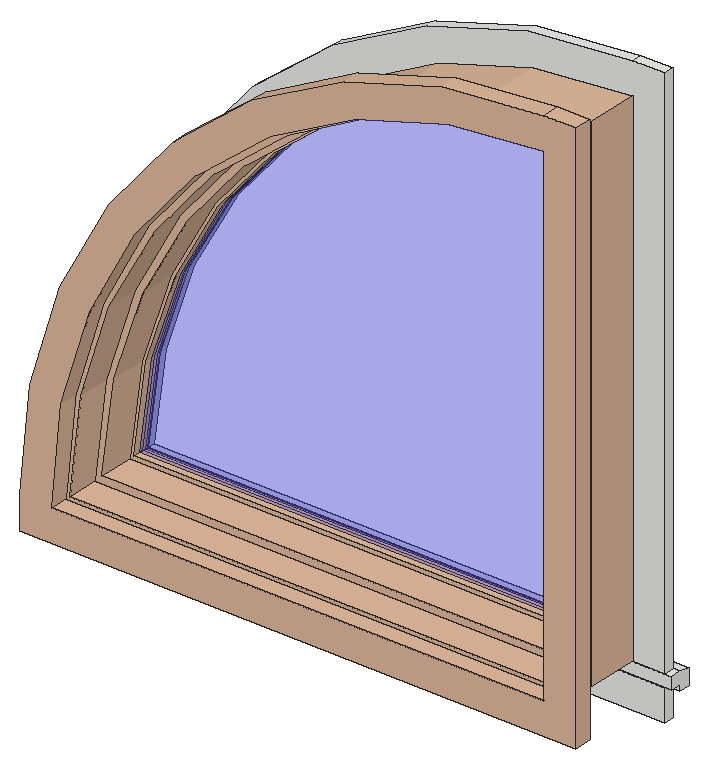
Revit family "8911aa09b18443c4bf5d589127abf5ee", category Windows, host Wall, Revit 2021
Family settings
  Host = Wall
  OmniClass Number = 23.30.20.17.11
  OmniClass Title = Fixed Windows
  Always vertical = Yes
  Cut with Voids When Loaded = No
  Shared = No
  Room Calculation Point = No
Parameters (values of type "36" x 36"")
  Window Inset [instance] = 0' - 0"
  Wall Thickness [instance] = 0' - 6"
  Visual Light Transmittance = 0.81
  Thermal Resistance (R) = 1.8146 (h·ft²·°F)/BTU
  Solar Heat Gain Coefficient = 0.76
  Rough Width = Width + 0' 0 1/2"  # 3' - 0 1/2"
  Rough Height = Height + 0' 0 1/2"  # 3' - 0 1/2"
  Interior Wall Closure [instance] = 0' - 2 1/4"
  Interior Trim Visibility [instance] = yes
  Interior Trim Material = Wood - Stained
  Interior Trim = Trim-Window-Interior-Flat-Quarter-Round : Picture Frame
  Height = Width  # 3' - 0"
  Interior Frame Material = Wood - Stained
  Heat Transfer Coefficient (U) = 0.5511 BTU/(h·ft²·°F)
  Glass Panel Material = Glass
  Frame Extension [instance] = if(Exterior Trim Visibility, Window Inset + 0' 0 1/4", 0' 0 1/4")  # 0' - 0 1/4"
  Fire Rating = "0.5h"
  Exterior Wall Closure [instance] = 0' - 1 1/4"
  Exterior Trim Visibility [instance] = yes
  Exterior Trim Material = Clad - White
  Exterior Trim = Trim-Window-Exterior-Flat-Quarter-Round : with Sill
  Exterior Frame Material = Clad - White
  Extension Jamb Visibility [instance] = and(Interior Trim Visibility, Wall Thickness - Window Inset > 0' 3 3/4")  # yes
  Extension Jamb [instance] = if(Wall Thickness - Window Inset > 0' 3 3/4", Wall Thickness - Window Inset - 0' 3 3/4", 0' 1")  # 0' - 2 1/4"
  Default Sill Height = 3' - 0"
  Wall Closure = By host
  Width = 3' - 0"
  Assembly Code = "B2020100"
  Analytic Construction = "Double glazing - domestic"
Types (6): name | Rough Width | Rough Height | Height | Width
  (no name) | 3' - 0 1/2" | 3' - 0 1/2" | 3' - 0" | 3' - 0"
  36" x 36" | 3' - 0 1/2" | 3' - 0 1/2" | 3' - 0" | 3' - 0"
  24" x 24" | 2' - 0 1/2" | 2' - 0 1/2" | 2' - 0" | 2' - 0"
  48" x 48" | 4' - 0 1/2" | 4' - 0 1/2" | 4' - 0" | 4' - 0"
  60" x 60" | 5' - 0 1/2" | 5' - 0 1/2" | 5' - 0" | 5' - 0"
  72" x 72" | 6' - 0 1/2" | 6' - 0 1/2" | 6' - 0" | 6' - 0"
Reference planes (in)
  plane 1 "Center (Front/Back)": y = 0
  plane 2: z = 0
  plane 3 "Center (Left/Right)": x = 0
  plane 4 "Left": x = -18
  plane 5 "Right": x = 18
  plane 6 "Sill": z = 36
  plane 7 "Top": z = 72
  plane 8 "Inset Face": y = 3
  plane 9 "Wall Closure": y = -0.75
  plane 10 "Sash Face": y = 3.5
  plane 11 "Exterior": y = 3
  plane 12: x = 17.5
  plane 13: x = -17.5
  plane 14: z = 71.5
  plane 15: z = 36.5
  plane 16: x = 16.5
  plane 17: x = -16.5
  plane 18: z = 70.5
  plane 19: z = 37.5
  plane 20: y = 2.25
  plane 21 "Glass": y = 2.625
  plane 22 "Middle": z = 54
  plane 23: y = 3.75
  plane 24: y = 3.75
  plane 25 "Interior": y = -3
  plane 26 "Jamb": y = -0.75
  plane 27: y = -0.75
  plane 28: y = 1.75
  plane 29: y = 3.75
Forms (in)
  Sweep 1, solid, material "Wood - Stained" <- "Interior Frame Material"
    path origin (0, 3.5, 0) x (-1, 0, 0) y (0, 0, 1)
      loop
        line (-18, 36) -> (18, 36)
        arc (18, 36) -> (7.45584, 61.45584) -> (-18, 72) r 36
        line (-18, 72) -> (-18, 36)
    profile origin (18, 3.5, 54) x (1, 0, 0) y (0, 1, 0)
      loop
        line (0, 0.25) -> (-0.5, 0.25) -> (-0.5, -1.75) -> (-1.25, -1.75) -> (-1.25, -4.25) -> (0, -4.25) -> (0, 0.25)
  Sweep 2, solid, material "Wood - Stained" <- "Interior Frame Material"
    path origin (0, 3.5, 0) x (-1, 0, 0) y (0, 0, 1)
      loop
        line (-17.5, 36.5) -> (17.49286, 36.5)
        arc (17.49286, 36.5) -> (7.09973, 61.09973) -> (-17.5, 71.49286) r 35.49638
        line (-17.5, 71.49286) -> (-17.5, 36.5)
    profile origin (17.5, 3.5, 53.99643) x (1, 0, 0) y (0, 1, 0)
      loop
        line (0, -0.5) -> (-1, -0.5) -> (-1, -1.75) -> (0, -1.75) -> (0, -0.5)
  Extrusion 3, solid, material "Glass" <- "Glass Panel Material"
    sketch origin (-27.46716, 2.625, 48) x (-1, 0, 0) y (0, 0, 1)
      loop
        line (-43.96716, -10.5) -> (-11.03548, -10.5)
        arc (-11.03548, -10.5) -> (-21.09719, 12.36996) -> (-43.96716, 22.43168) r 34.46433
        line (-43.96716, 22.43168) -> (-43.96716, -10.5)
    from 0.125 to 0.375
  Extrusion 4, solid, material "Glass" <- "Glass Panel Material"
    sketch origin (-27.46716, 2.625, 48) x (-1, 0, 0) y (0, 0, 1)
      loop
        line (-43.96716, -10.5) -> (-11.03548, -10.5)
        arc (-11.03548, -10.5) -> (-21.09719, 12.36996) -> (-43.96716, 22.43168) r 34.46433
        line (-43.96716, 22.43168) -> (-43.96716, -10.5)
    from -0.125 to -0.375
  Sweep 5, solid, material "Clad - White" <- "Exterior Frame Material"
    path origin (0, 0, 0) x (1, 0, 0) y (0, 0, 1)
      loop
        arc (17.5, 71.49286) -> (-7.09973, 61.09973) -> (-17.49286, 36.5) r 35.49638
        line (-17.49286, 36.5) -> (17.5, 36.5) -> (17.5, 71.49286)
    profile origin (17.5, 0, 53.99643) x (0, -1, 0) y (1, 0, 0)
      loop
        line (-3.5, -1) -> (-3, -1) -> (-3, 0) -> (-3.5, 0) -> (-3.5, -1)
  Extrusion 6, solid, material "Wood - Stained" <- "Interior Frame Material", visible <- "Extension Jamb Visibility"
    sketch origin (0, -0.75, 0) x (-1, 0, 0) y (0, 0, 1)
      loop
        line (-18, 36) -> (18, 36)
        arc (18, 36) -> (7.45584, 61.45584) -> (-18, 72) r 36
        line (-18, 72) -> (-18, 36)
      loop
        line (-17.25, 36.75) -> (17.24202, 36.75)
        arc (17.24202, 36.75) -> (6.92551, 60.92551) -> (-17.25, 71.24202) r 35.25
        line (-17.25, 71.24202) -> (-17.25, 36.75)
    from 0 to -2.25
Lines and regions (in)
  Opening 1
    outline origin (-60, -3, 0) x (1, 0, 0) y (0, 0, 1)
      loop
        line (42, 36) -> (78, 36) -> (78, 72)
        arc (78, 72) -> (52.54416, 61.45584) -> (42, 36) r 36
  Split face 1
    outline origin (-16.46375, 1.75, 37.5) x (1, 0, 0) y (0, 1, 0)
      loop
        line (0, 0.75) -> (32.96375, 0.75)
Text (in)
  text "EXTERIOR" at (-58.6888, 50.90694, 0), in view "Ref. Level"
  text "INTERIOR" at (-58.6888, -37.76638, 0), in view "Ref. Level"
  text "Exterior" at (0, 43.65631, 123.19604), in view "Left"
  text "Exterior" at (0, 18.29385, 125.04747), in view "Right"
Dimensions and locks (in)
  equal spacing: plane 4 "Left", plane 3 "Center (Left/Right)", plane 5 "Right"
  "Width": plane 4 "Left" to plane 5 "Right"
  "Height": plane 6 "Sill" to plane 7 "Top"
  "Default Sill Height": plane 2 to plane 6 "Sill"
  locked: plane 10 "Sash Face" to plane 8 "Inset Face" at 0.5
  "Wall Thickness": host wall to host wall
  "Window Inset": plane 11 "Exterior" to plane 8 "Inset Face"
  locked: Sweep 1 sketch curve to plane 5 "Right" at 1.25
  locked: Sweep 1 sketch curve to plane 5 "Right" at 0.5
  locked: plane 10 "Sash Face" to Sweep 1 sketch curve at 1.75
  locked: plane 12 to plane 5 "Right" at 0.5
  locked: plane 4 "Left" to plane 13 at 0.5
  locked: plane 14 to plane 7 "Top" at 0.5
  locked: plane 6 "Sill" to plane 15 at 0.5
  locked: plane 16 to plane 12 at 1
  locked: plane 13 to plane 17 at 1
  locked: plane 18 to plane 14 at 1
  locked: plane 15 to plane 19 at 1
  equal spacing: plane 8 "Inset Face", plane 21 "Glass", plane 20
  locked: plane 8 "Inset Face" to plane 20 at 0.75
  equal spacing: plane 6 "Sill", plane 22 "Middle", plane 7 "Top"
  locked: plane 23 to plane 11 "Exterior" at 0.75
  locked: plane 24 to plane 10 "Sash Face" at 0.25
  "Extension Jamb": plane 26 "Jamb" to plane 25 "Interior"
  locked: plane 8 "Inset Face" to plane 9 "Wall Closure" at 3.75
  locked: Extrusion 6 sketch curve to plane 6 "Sill" at 0.75
  locked: Extrusion 6 sketch curve to plane 5 "Right" at 0.75
  "Interior Wall Closure": plane 27 to plane 25 "Interior"
  "Exterior Wall Closure": plane 11 "Exterior" to plane 28
  "Frame Extension": plane 29 to plane 10 "Sash Face"
  aligned and locked: plane 6 "Sill" to Opening 1 sketch curve  (x3)
  aligned and locked: level to plane 2
  aligned and locked: host wall to plane 11 "Exterior"
  aligned and locked: Sweep 1 sketch curve to plane 6 "Sill"
  aligned and locked: plane 25 "Interior" to host wall
  aligned and locked: plane 9 "Wall Closure" to Sweep 1
  aligned and locked: nested 2 to plane 4 "Left"
  aligned and locked: nested 2 to plane 11 "Exterior"
  aligned and locked: plane 12 to Sweep 2 sketch curve  (x2)
  aligned and locked: plane 16 to Sweep 2 sketch curve
  aligned and locked: plane 16 to Extrusion 3 sketch curve  (x2)
  aligned and locked: Extrusion 3 sketch curve to plane 19
  aligned and locked: plane 16 to Extrusion 4 sketch curve  (x2)
  aligned and locked: Extrusion 4 sketch curve to plane 19
  aligned and locked: plane 8 "Inset Face" to Sweep 2 sketch curve
  aligned and locked: Sweep 5 sketch curve to plane 12  (x2)
  aligned and locked: Sweep 5 sketch curve to plane 15
  aligned and locked: plane 6 "Sill" to Sweep 1 sketch curve  (x2)
  aligned and locked: plane 5 "Right" to Sweep 1 sketch curve  (x3)
  aligned and locked: plane 7 "Top" to Sweep 1 sketch curve
  aligned and locked: plane 10 "Sash Face" to Sweep 5 sketch curve
  aligned and locked: plane 16 to Sweep 5 sketch curve
  aligned and locked: Sweep 5 sketch curve to plane 8 "Inset Face"
  aligned and locked: plane 6 "Sill" to Sweep 5 sketch curve
  aligned and locked: plane 5 "Right" to Sweep 5 sketch curve
  aligned and locked: plane 15 to Sweep 5 sketch curve
  aligned and locked: plane 6 "Sill" to Sweep 2 sketch curve
  aligned and locked: plane 5 "Right" to Sweep 2 sketch curve
  aligned and locked: plane 15 to Sweep 2 sketch curve
  aligned and locked: plane 6 "Sill" to Extrusion 3 sketch curve
  aligned and locked: plane 5 "Right" to Extrusion 3 sketch curve
  aligned and locked: plane 19 to Extrusion 3 sketch curve
  aligned and locked: plane 6 "Sill" to Extrusion 4 sketch curve
  aligned and locked: plane 5 "Right" to Extrusion 4 sketch curve
  aligned and locked: plane 19 to Extrusion 4 sketch curve
  aligned and locked: plane 5 "Right" to Opening 1 sketch curve  (x2)
  aligned and locked: plane 7 "Top" to Opening 1 sketch curve
  aligned and locked: Extrusion 6 sketch curve to plane 6 "Sill"
  aligned and locked: Extrusion 6 sketch curve to plane 5 "Right"
  aligned and locked: plane 5 "Right" to Extrusion 6 sketch curve  (x2)
  aligned and locked: plane 6 "Sill" to Extrusion 6 sketch curve  (x3)
  aligned and locked: Extrusion 6 to plane 25 "Interior"
  aligned and locked: plane 7 "Top" to nested 2
  aligned and locked: nested 1 to plane 3 "Center (Left/Right)"
  aligned and locked: plane 7 "Top" to nested 1
  aligned and locked: plane 3 "Center (Left/Right)" to nested 3
  aligned and locked: nested 3 to plane 7 "Top"
  aligned and locked: plane 29 to Sweep 1 sketch curve
Automatic sketch dimensions
  Sweep 1 sketch curve to profile plane = 0' - 0"
  Sweep 1 sketch curve to Sweep 1 sketch curve = 0' - 2 1/2"
  Split face 1 sketch curve to Sweep 2 = 0' - 0"  (x2)
  Sweep 2 sketch curve to profile plane = 0' - 0"
  Sweep 2 sketch curve to plane 10 "Sash Face" = 0' - 1 3/4"
  Sweep 5 sketch curve to plane 14 = 0' - 0.00714"
  Sweep 2 sketch curve to plane 13 = 0' - 0.00714"
  Sweep 2 to Split face 1 sketch curve = 0' - 0 1/2"
  Extrusion 3 sketch curve to plane 17 = 0' - 0.06832"
  Extrusion 4 sketch curve to plane 17 = 0' - 0.06832"
  Extrusion 6 sketch curve to plane 7 "Top" = 0' - 0"
  Extrusion 6 sketch curve to plane 13 = 0' - 0.25798"
Nested families (in)
  nested 1: "Trim-Window-Exterior-Flat-Quarter-Round" at (0, 3, 72) x (-1, 0, 0) z (0, 1, 0), Opening Width <- "Width", Opening Height <- "Height", Trim Material <- "Exterior Trim Material", type <- "Exterior Trim", visible <- "Exterior Trim Visibility", type "with Sill"
    with Trim Material Clad - White, Opening Width 3' - 0", Opening Height 3' - 0"
  nested 2: "Plan-Fixed" at (0, 3, 36) x (-1, 0, 0) z (0, 0, 1), Width <- "Width", Window Inset <- "Window Inset", Wall Thickness <- "Wall Thickness", Height <- "Height", type "Plan-Fixed"
    with Window Inset of 3D 0' - 0", Window Inset 0' - 0", Width 3' - 0", Wall Thickness 0' - 6", Height 3' - 0"
  nested 3: "Trim-Window-Interior-Flat-Quarter-Round" at (0, -3, 72) x (-1, 0, 0) z (0, -1, 0), visible <- "Interior Trim Visibility", Trim Material <- "Interior Trim Material", Opening Width <- "Width", type <- "Interior Trim", type "Picture Frame"
    with Trim Material Wood - Stained, Opening Width 3' - 0", Opening Height 3' - 0"
Definition of nested family "Trim-Window-Exterior-Flat-Quarter-Round"
  Parameters (values of type "with Sill")
    Trim Width = 0' - 2 1/4"
    Trim Thickness_Picture Frame = 0' - 1 1/4"
    Trim Thickness_with Sill = 0' - 0 3/4"
    Trim Material [instance] = none
    Sill Thickness = 0' - 1 1/4"
    Sill = yes
    Picture Frame = no
    Opening Width [instance] = 2' - 0"
    Opening Height [instance] = Opening Width  # 2' - 0"
    Default Elevation = 4' - 0"
  Types (2): name | Sill | Picture Frame
    with Sill | yes | no
    Picture Frame | no | yes
  Reference planes (in)
    plane 1 "Center (Front/Back)": y = 0
    plane 2: z = 0
    plane 3 "Center (Left/Right)": x = 0
    plane 4: y = 2.25
    plane 5 "Left": x = -12
    plane 6 "Right": x = 12
    plane 7 "Bottom": y = -24
    plane 8: y = -25.25
    plane 9: y = -27.12332
    plane 10: x = 14.25
    plane 11: x = -14.25
    plane 12: z = 0.75
    plane 13: z = 1.25
    plane 14: x = 14.75
    plane 15: x = -14.75
    plane 16: y = -24.87332
    plane 17: y = -26.25
    plane 18: z = 0.5
    plane 19: z = 1.5
  Forms (in)
    Extrusion 1, solid
      sketch origin (0, 0, 0) x (1, 0, 0) y (0, 1, 0)
        loop
          line (-14.25, 2.25) -> (-14.25, -27.12332) -> (14.25, -27.12332) -> (14.25, 2.25) -> (-14.25, 2.25)
      from 0 to -12
    Extrusion 2, solid, material <- "Trim Material", visible <- "Sill"
      sketch origin (0, 0, 0) x (1, 0, 0) y (0, 1, 0)
        loop
          line (-14.25, -24) -> (-12, -24) -> (-12, 0)
          arc (-12, 0) -> (4.97056, -7.02944) -> (12, -24) r 24
          line (12, -24) -> (14.25, -24)
          arc (14.25, -24) -> (6.56155, -5.43845) -> (-12, 2.25) r 26.25
          line (-12, 2.25) -> (-14.25, 2.25) -> (-14.25, -24)
      from 0 to 0.75
    Extrusion 3, solid, material <- "Trim Material", visible <- "Sill"
      sketch origin (0, 0, 0) x (0, 1, 0) y (0, 0, 1)
        loop
          line (-24.09677, 1.5) -> (-25.25, 1.5) -> (-25.25, 0.75) -> (-24.87332, 0.75) -> (-24.87332, 0) -> (-24, 0) -> (-24, 0.75) -> (-24.09677, 1.5)
      from -14.75 to 14.75
    Extrusion 4, solid, material <- "Trim Material", visible <- "Sill"
      sketch origin (0, 0, 0) x (1, 0, 0) y (0, 1, 0)
        loop
          line (-14.25, -24.87332) -> (-14.25, -27.12332) -> (14.25, -27.12332) -> (14.25, -24.87332) -> (-14.25, -24.87332)
      from 0 to 0.75
    Extrusion 5, solid, material <- "Trim Material", visible <- "Picture Frame"
      sketch origin (0, 0, 0) x (1, 0, 0) y (0, 1, 0)
        loop
          line (-12, -24) -> (12, -24)
          arc (12, -24) -> (4.97056, -7.02944) -> (-12, 0) r 24
          line (-12, 0) -> (-12, -24)
        loop
          line (-14.25, -26.25) -> (14.25, -26.25) -> (14.25, -24)
          arc (14.25, -24) -> (6.56155, -5.43845) -> (-12, 2.25) r 26.25
          line (-12, 2.25) -> (-14.25, 2.25) -> (-14.25, -26.25)
      from 0 to 1.25
  Dimensions and locks (in)
    equal spacing: plane 5 "Left", plane 3 "Center (Left/Right)", plane 6 "Right"
    "Opening Width": plane 5 "Left" to plane 6 "Right"
    "Opening Height": plane 7 "Bottom" to plane 1 "Center (Front/Back)"
    "Sill Thickness": plane 7 "Bottom" to plane 8
    "Trim Width": plane 11 to plane 5 "Left"
    "Trim Width": plane 6 "Right" to plane 10
    "Trim Width": plane 1 "Center (Front/Back)" to plane 4
    locked: plane 15 to plane 11 at 0.5
    locked: plane 10 to plane 14 at 0.5
    locked: plane 16 to plane 8 at 0.37668
    "Trim Width": plane 9 to plane 16
    "Trim Width": plane 17 to plane 7 "Bottom"
    locked: plane 18 to plane 2 at 0.5
    locked: plane 19 to plane 12 at 0.75
    "Trim Thickness_with Sill": plane 12 to plane 2
    "Trim Thickness_Picture Frame": plane 13 to plane 2
    aligned and locked: plane 2 to Extrusion 1
    aligned and locked: level to Extrusion 1
    aligned and locked: Extrusion 2 sketch curve to plane 5 "Left"
    aligned and locked: Extrusion 2 sketch curve to plane 11
    aligned and locked: plane 7 "Bottom" to Extrusion 2 sketch curve  (x4)
    aligned and locked: plane 12 to Extrusion 2
    aligned and locked: Extrusion 3 sketch curve to level
    aligned and locked: plane 7 "Bottom" to Extrusion 3 sketch curve
    aligned and locked: Extrusion 3 sketch curve to plane 8
    aligned and locked: plane 15 to Extrusion 3
    aligned and locked: Extrusion 3 to plane 14
    aligned and locked: plane 10 to Extrusion 4 sketch curve
    aligned and locked: Extrusion 4 sketch curve to plane 11
    aligned and locked: plane 16 to Extrusion 4 sketch curve
    aligned and locked: plane 9 to Extrusion 4 sketch curve
    aligned and locked: Extrusion 4 to Extrusion 2
    aligned and locked: Extrusion 5 sketch curve to plane 17
    aligned and locked: plane 7 "Bottom" to Extrusion 5 sketch curve  (x3)
    aligned and locked: plane 5 "Left" to Extrusion 5 sketch curve  (x3)
    aligned and locked: Extrusion 5 sketch curve to plane 11
    aligned and locked: plane 13 to Extrusion 5
    aligned and locked: plane 19 to Extrusion 3
    aligned and locked: Extrusion 5 sketch curve to plane 4
    aligned and locked: plane 10 to Extrusion 5 sketch curve
    aligned and locked: plane 4 to Extrusion 2 sketch curve
    aligned and locked: plane 5 "Left" to Extrusion 2 sketch curve  (x2)
  Automatic sketch dimensions
    Extrusion 1 sketch curve to Extrusion 1 sketch curve = 2' - 4 1/2"
    Extrusion 1 sketch curve to Extrusion 1 sketch curve = 2' - 5.37332"
    Extrusion 3 sketch curve to plane 16 = 0' - 0"
    Extrusion 3 sketch curve to plane 12 = 0' - 0"  (x2)
    Extrusion 3 sketch curve to plane 7 "Bottom" = 0' - 0.09677"
    plane 13 to Extrusion 3 sketch curve = 0' - 0 1/4"
    Extrusion 5 sketch curve to plane 6 "Right" = 0' - 0"
    Extrusion 2 sketch curve to plane 6 "Right" = 0' - 0"
Definition of nested family "Trim-Window-Interior-Flat-Quarter-Round"
  Parameters (values of type "with Sill")
    Trim Thickness_Picture Frame = 0' - 1 1/4"
    Trim Width = 0' - 2 1/4"
    Trim Thickness_with Sill = 0' - 0 3/4"
    Trim Material [instance] = none
    Sill Thickness = 0' - 1 1/4"
    Sill = yes
    Picture Frame = no
    Opening Width [instance] = 2' - 0"
    Opening Height [instance] = Opening Width  # 2' - 0"
    Default Elevation = 4' - 0"
  Types (2): name | Sill | Picture Frame
    with Sill | yes | no
    Picture Frame | no | yes
  Reference planes (in)
    plane 1 "Center (Front/Back)": y = 0
    plane 2: z = 0
    plane 3 "Center (Left/Right)": x = 0
    plane 4: y = 1.75
    plane 5 "Left": x = -12
    plane 6 "Right": x = 12
    plane 7 "Bottom": y = -24
    plane 8: y = -25.25
    plane 9: y = -27.12332
    plane 10: x = 13.75
    plane 11: x = -13.75
    plane 12: z = 0.75
    plane 13: z = 1.25
    plane 14: x = 14.25
    plane 15: x = -14.25
    plane 16: y = -24.87332
    plane 17: y = -25.75
    plane 18: z = 0.5
    plane 19: x = -11.5
    plane 20: y = -0.5
    plane 21: x = 11.5
    plane 22: y = -23.5
    plane 23: x = -13.25
    plane 24: x = 13.25
    plane 25: y = 1.25
  Forms (in)
    Extrusion 1, solid
      sketch origin (0, 0, 0) x (1, 0, 0) y (0, 1, 0)
        loop
          line (-13.75, 1.75) -> (-13.75, -27.12332) -> (13.75, -27.12332) -> (13.75, 1.75) -> (-13.75, 1.75)
      from 0 to -12
    Extrusion 2, solid, material <- "Trim Material", visible <- "Sill"
      sketch origin (0, 0, 0) x (1, 0, 0) y (0, 1, 0)
        loop
          line (-13.25, -24) -> (-11.5, -24) -> (-11.5, -0.5)
          arc (-11.5, -0.5) -> (4.93928, -7.41429) -> (11.49456, -24) r 23
          line (11.49456, -24) -> (13.24495, -24)
          arc (13.24495, -24) -> (6.17679, -6.17679) -> (-11.5, 1.25) r 24.75
          line (-11.5, 1.25) -> (-13.25, 1.25) -> (-13.25, -24)
      from 0 to 0.75
    Extrusion 3, solid, material <- "Trim Material", visible <- "Sill"
      sketch origin (0, 0, 0) x (0, 1, 0) y (0, 0, 1)
        loop
          line (-24.5, 1.5) -> (-24.87332, 1.5) -> (-24.87332, 0) -> (-24, 0) -> (-24, 1)
          arc (-24, 1) -> (-24.14645, 1.35355) -> (-24.5, 1.5) r 0.5
      from -13.75 to 13.75
    Extrusion 4, solid, material <- "Trim Material", visible <- "Sill"
      sketch origin (0, 0, 0) x (1, 0, 0) y (0, 1, 0)
        loop
          line (-13.25, -24.87332) -> (-13.25, -27.12332) -> (13.25, -27.12332) -> (13.25, -24.87332) -> (-13.25, -24.87332)
      from 0 to 0.75
    Extrusion 5, solid, material <- "Trim Material", visible <- "Picture Frame"
      sketch origin (0, 0, 0) x (1, 0, 0) y (0, 1, 0)
        loop
          line (-11.5, -23.5) -> (11.5, -23.5)
          arc (11.5, -23.5) -> (4.76346, -7.23654) -> (-11.5, -0.5) r 23
          line (-11.5, -0.5) -> (-11.5, -23.5)
        loop
          line (-13.75, -25.75) -> (13.75, -25.75) -> (13.75, -23.5)
          arc (13.75, -23.5) -> (6.35445, -5.64555) -> (-11.5, 1.75) r 25.25
          line (-11.5, 1.75) -> (-13.75, 1.75) -> (-13.75, -25.75)
      from 0 to 1.25
  Dimensions and locks (in)
    equal spacing: plane 5 "Left", plane 3 "Center (Left/Right)", plane 6 "Right"
    "Opening Width": plane 5 "Left" to plane 6 "Right"
    "Opening Height": plane 7 "Bottom" to plane 1 "Center (Front/Back)"
    "Sill Thickness": plane 7 "Bottom" to plane 8
    "Trim Width": plane 11 to plane 19
    "Trim Width": plane 21 to plane 10
    "Trim Width": plane 20 to plane 4
    "Trim Thickness_with Sill": plane 12 to plane 2
    locked: plane 15 to plane 11 at 0.5
    locked: plane 10 to plane 14 at 0.5
    locked: plane 16 to plane 8 at 0.37668
    "Trim Width": plane 9 to plane 16
    "Trim Width": plane 17 to plane 22
    plane 20 to plane 1 "Center (Front/Back)" = 0' - 0 1/2"
    plane 5 "Left" to plane 19 = 0' - 0 1/2"
    plane 21 to plane 6 "Right" = 0' - 0 1/2"
    plane 22 to plane 7 "Bottom" = 0' - 0 1/2"
    locked: plane 11 to plane 23 at 0.5
    locked: plane 24 to plane 10 at 0.5
    "Trim Thickness_Picture Frame": plane 13 to plane 2
    locked: Extrusion 3 to plane 12 at 0.75
    locked: plane 12 to Extrusion 3 sketch curve at 0.75
    locked: plane 4 to plane 25 at 0.5
    radius of Extrusion 3 sketch curve = 0' - 0 1/2"
    aligned and locked: plane 2 to Extrusion 1
    aligned and locked: level to Extrusion 1
    aligned and locked: plane 7 "Bottom" to Extrusion 2 sketch curve  (x2)
    aligned and locked: plane 12 to Extrusion 2
    aligned and locked: Extrusion 3 sketch curve to level
    aligned and locked: plane 7 "Bottom" to Extrusion 3 sketch curve
    aligned and locked: plane 16 to Extrusion 4 sketch curve
    aligned and locked: plane 9 to Extrusion 4 sketch curve
    aligned and locked: Extrusion 5 sketch curve to plane 17
    aligned and locked: plane 10 to Extrusion 5 sketch curve
    aligned and locked: Extrusion 5 sketch curve to plane 11
    aligned and locked: plane 13 to Extrusion 5
    aligned and locked: plane 19 to Extrusion 5 sketch curve  (x3)
    aligned and locked: plane 22 to Extrusion 5 sketch curve  (x3)
    aligned and locked: plane 24 to Extrusion 4
    aligned and locked: plane 11 to Extrusion 3
    aligned and locked: Extrusion 3 to plane 10
    aligned and locked: Extrusion 2 sketch curve to plane 19
    aligned and locked: plane 23 to Extrusion 2 sketch curve
    aligned and locked: plane 12 to Extrusion 4
    aligned and locked: plane 22 to Extrusion 2 sketch curve  (x2)
    aligned and locked: plane 19 to Extrusion 2 sketch curve  (x2)
    aligned and locked: plane 25 to Extrusion 2 sketch curve
  Automatic sketch dimensions
    Extrusion 1 sketch curve to Extrusion 1 sketch curve = 2' - 3 1/2"
    Extrusion 1 sketch curve to Extrusion 1 sketch curve = 2' - 4.87332"
    Extrusion 3 sketch curve to plane 16 = 0' - 0"
    Extrusion 4 sketch curve to plane 11 = 0' - 0 1/2"
    Extrusion 4 sketch curve to plane 24 = 0' - 0"
    Extrusion 5 sketch curve to plane 21 = 0' - 0"
    Extrusion 2 sketch curve to plane 20 = 0' - 0"
Definition of nested family "Plan-Fixed"
  Parameters (values of type "Plan-Fixed")
    Window Inset [instance] = 0' - 1"
    Window Inset of 3D [instance] = if(Window Inset - 0' 0 1/2" < 0' 0", 0' 0", if(Window Inset - 0' 0 1/2" < Wall Thickness - 0' 3 1/2", Window Inset - 0' 0 1/2", Wall Thickness - 0' 3 1/2"))  # 0' - 0 1/2"
    Width [instance] = 4' - 0"
    Wall Thickness [instance] = 0' - 6"
    Height [instance] = 3' - 0"
    Default Elevation = 4' - 0"
    Analytic Construction = "<None>"
  Reference planes (in)
    plane 1 "Center (Front/Back)": y = 0
    plane 2: z = 0
    plane 3 "Center (Left/Right)": x = 0
    plane 4: x = -24
    plane 5: x = 24
    plane 6 "Jamb": y = -4
    plane 7: x = -23.5
    plane 8: x = -22.75
    plane 9: y = -0.5
    plane 10: y = -2.25
    plane 11: y = -1.375
    plane 12: x = -22.5
    plane 13: x = 23.5
    plane 14: x = 22.75
    plane 15: x = 22.5
    plane 16 "Window Inset": y = -1
    plane 17 "Wall": y = -6
    plane 18: z = 36
    plane 19: z = 35.5
    plane 20: z = 0.5
    plane 21: z = 34.75
    plane 22: z = 1.25
    plane 23: z = 34.5
    plane 24: z = 1.5
  Lines and regions (in)
    Masking region 1
      outline origin (0, 0.75, 0) x (1, 0, 0) y (0, 1, 0)
        loop
          line (-24, -6.75) -> (24, -6.75) -> (24, -0.75) -> (-24, -0.75) -> (-24, -6.75)
    Masking region 2
      outline origin (0, 0, 0) x (0, 1, 0) y (0, 0, 1)
        loop
          line (-6, 36) -> (-6, 0) -> (0, 0) -> (0, 36) -> (-6, 36)
    symbolic lines
      curve 1: line (-23.5, -2.25, 0) -> (-22.75, -2.25, 0)
      curve 2: line (-22.75, -2.25, 0) -> (-22.75, -4, 0)
      curve 3: line (-23.5, -0.5, 0) -> (-23.5, -2.25, 0)
      curve 4: line (-24, -0.5, 0) -> (-22.5, -0.5, 0)
      curve 5: line (-22.5, -0.5, 0) -> (-22.5, -2.25, 0)
      curve 6: line (-22.5, -2.25, 0) -> (-22.75, -2.25, 0)
      curve 7: line (-22.5, -1.375, 0) -> (22.5, -1.375, 0)
      curve 8: line (23.5, -2.25, 0) -> (22.75, -2.25, 0)
      curve 9: line (22.75, -2.25, 0) -> (22.75, -4, 0)
      curve 10: line (23.5, -0.5, 0) -> (23.5, -2.25, 0)
      curve 11: line (22.5, -0.5, 0) -> (22.5, -2.25, 0)
      curve 12: line (22.5, -2.25, 0) -> (22.75, -2.25, 0)
      curve 13: line (-24, -4, 0) -> (-22.75, -4, 0)
      curve 14: line (22.75, -4, 0) -> (24, -4, 0)
      curve 15: line (0, -0.5, 35.5) -> (0, -2.25, 35.5)
      curve 16: line (0, -2.25, 34.75) -> (0, -4, 34.75)
      curve 17: line (0, -4, 0) -> (0, -4, 1.25)
      curve 18: line (0, -0.5, 0.5) -> (0, -2.25, 0.5)
      curve 19: line (0, -2.25, 0.5) -> (0, -2.25, 1.5)
      curve 20: line (0, -2.25, 1.25) -> (0, -4, 1.25)
      curve 21: line (0, -0.5, 36) -> (0, -0.5, 34.5)
      curve 22: line (0, -0.5, 34.5) -> (0, -2.25, 34.5)
      curve 23: line (0, -2.25, 1.5) -> (0, -0.5, 1.5)
      curve 24: line (0, -1.375, 1.5) -> (0, -1.375, 34.5)
      curve 25: line (0, -2.25, 35.5) -> (0, -2.25, 34.5)
      curve 26: line (22.5, -0.5, 0) -> (24, -0.5, 0)
      curve 27: line (0, -4, 34.75) -> (0, -4, 36)
      curve 28: line (0, -0.5, 1.5) -> (0, -0.5, 0)
      curve 29: line (-22.5, -0.5, 0) -> (22.5, -0.5, 0)
      curve 30: line (22.75, -4, 0) -> (-22.75, -4, 0)
      curve 31: line (0, -0.5, 34.5) -> (0, -0.5, 1.5)
      curve 32: line (0, -4, 1.25) -> (0, -4, 34.75)
  Dimensions and locks (in)
    "Width": plane 4 to plane 5
    equal spacing: plane 4, plane 3 "Center (Left/Right)", plane 5
    plane 4 to plane 7 to plane 8 = 0' - 0 1/2" locked, 0' - 0 3/4" locked
    equal spacing: plane 9, plane 11, plane 10
    plane 5 to plane 13 to plane 14 = 0' - 0 1/2" locked, 0' - 0 3/4" locked
    locked: plane 9 to plane 16 "Window Inset" at 0.5
    locked: plane 9 to plane 10 at 1.75
    "Wall Thickness": plane 17 "Wall" to plane 1 "Center (Front/Back)"
    "Height": plane 18 to plane 2
    locked: plane 18 to plane 19 at 0.5
    locked: plane 20 to plane 2 at 0.5
    locked: plane 19 to plane 21 at 0.75
    locked: plane 22 to plane 20 at 0.75
    locked: plane 10 to plane 6 "Jamb" at 1.75
    "Window Inset of 3D": plane 9 to plane 1 "Center (Front/Back)"
    locked: plane 7 to plane 12 at 1
    locked: plane 15 to plane 13 at 1
    locked: plane 19 to plane 23 at 1
    locked: plane 24 to plane 20 at 1
    aligned and locked: plane 2 to level
    aligned and locked: curve 2 to plane 8
    aligned and locked: curve 1 to plane 10
    aligned and locked: plane 4 to Masking region 1 sketch curve
    aligned and locked: Masking region 1 sketch curve to plane 5
    aligned and locked: plane 14 to curve 9
    aligned and locked: Masking region 1 sketch curve to plane 17 "Wall"
    aligned and locked: curve 13 to plane 6 "Jamb"
    aligned and locked: curve 14 to plane 6 "Jamb"
    aligned and locked: plane 1 "Center (Front/Back)" to Masking region 1 sketch curve
    aligned and locked: Masking region 2 sketch curve to plane 18
    aligned and locked: plane 17 "Wall" to Masking region 2 sketch curve
    aligned and locked: level to Masking region 2 sketch curve
    aligned and locked: plane 6 "Jamb" to curve 17
    aligned and locked: plane 21 to curve 16
    aligned and locked: plane 19 to curve 15
    aligned and locked: plane 22 to curve 20
    aligned and locked: plane 10 to curve 19  (x2)
    aligned and locked: plane 20 to curve 18
    aligned and locked: curve 21 to plane 9
    aligned and locked: plane 23 to curve 22
    aligned and locked: curve 23 to plane 24
    aligned and locked: plane 11 to curve 24
    aligned and locked: plane 4 to curve 4
    aligned and locked: plane 5 to curve 26
    aligned and locked: plane 18 to curve 21
    aligned and locked: plane 9 to curve 15
    aligned and locked: plane 9 to curve 18
    aligned and locked: plane 2 to curve 28
    aligned and locked: plane 9 to curve 3
    aligned and locked: plane 9 to curve 10
    aligned and locked: curve 25 to plane 10
    aligned and locked: plane 19 to curve 25
    aligned and locked: plane 23 to curve 25
    aligned and locked: plane 2 to curve 17
    aligned and locked: curve 26 to plane 9
    aligned and locked: curve 4 to plane 9
    aligned and locked: curve 5 to plane 12
    aligned and locked: plane 15 to curve 11
    aligned and locked: curve 7 to plane 11
    aligned and locked: curve 12 to plane 10
    aligned and locked: plane 10 to curve 8
    aligned and locked: plane 6 "Jamb" to curve 27
  Automatic sketch dimensions
    Masking region 2 sketch curve to plane 1 "Center (Front/Back)" = 0' - 0"
    curve 13 to plane 4 = 0' - 0"
    curve 3 to plane 7 = 0' - 0"
    curve 10 to plane 13 = 0' - 0"
    curve 14 to plane 5 = 0' - 0"
    curve 18 to plane 20 = 0' - 0"
    curve 27 to plane 18 = 0' - 0"
